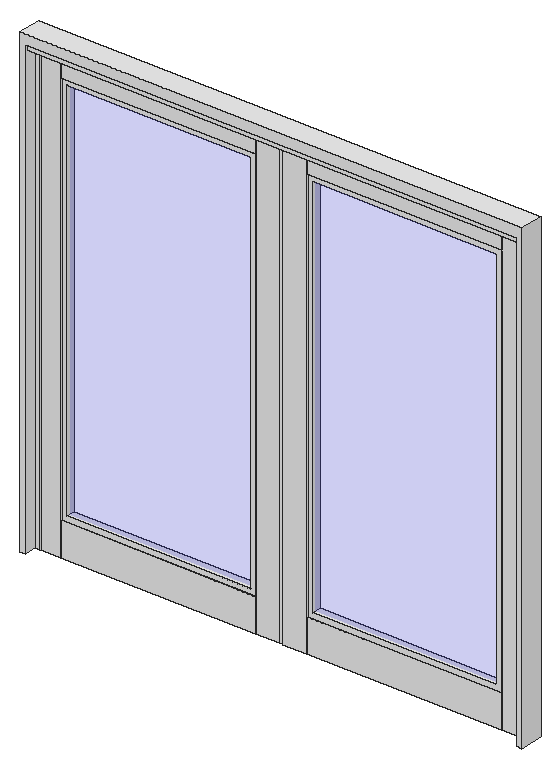
Revit family "Door-Curtain_Wall-Swing-Kawneer-500HeavyWall", category Doors, Revit 2015
Parameters (values of type "Typical 9/16" Infill")
  Width Maximum = 8' - 0"
  Width Control [instance] = 10' - 2"
  URL = "http://www.kawneer.com/kawneer/north_america/en/info_page/home.asp"
  Thickness = 0' - 2"
  Product data url = "https://bimobject.com/kawneerna/product/21630"
  Panel Width [instance] = CTRL Door Width / 2  # 4' - 0"
  Panel Finish = Metal - Kawneer - Aluminum
  Model = "500 Heavy Wall"
  Manufacturer = "Kawneer"  # constant formula
  Height Maximum = 8' - 0"
  Height Control [instance] = 7' - 7"
  Glazing Material = Glass - Kawneer - Clear
  Glass Thickness = 0' - 0 9/16"
  Frame Width Head = 0' - 2"  # constant formula
  Frame Width = 0' - 1"  # constant formula
  Frame Offset = 0' - 0 29/32"
  Frame Height [instance] = CTRL Door Height + Frame Width Head  # 7' - 7"
  Frame Finish = Metal - Kawneer - Aluminum
  Door Width [instance] = Width Control - (Frame Width * 2)  # 10' - 0"
  Door Height [instance] = Height Control - (Frame Width Head)  # 7' - 5"
  Description = "Double 500 Heavy Wall Door"
  Copyright © = "2013 Kawneer"  # constant formula
  CTRL Door Width [instance] = if(Door Width > Width Maximum, Width Maximum, Door Width)  # 8' - 0"
  CTRL Offset = if(Frame Offset < 0' 0", Frame Offset - Frame Offset, Frame Offset)  # 0' - 0 29/32"
  CTRL Inset = if(Frame Offset < 0' 0", Frame Offset - Frame Offset - Frame Offset, 0' 0")  # 0' - 0"
  CTRL Door Height [instance] = if(Door Height > Height Maximum, Height Maximum, Door Height)  # 7' - 5"
  CTRL Door Half Width [instance] = CTRL Door Width / 2  # 4' - 0"
  Assembly Code = "B2030110"
  Angle [instance] = 45.00°
Reference planes (in)
  plane 1 "Front": y = 0
  plane 2: z = 0
  plane 3 "Center (Left/Right)": x = 0
  plane 4 "Left": x = -61
  plane 5 "Right": x = 61
  plane 6 "Top": z = 91
  plane 7 "Frame Left": x = -49
  plane 8 "Frame Right": x = 49
  plane 9 "Inset": y = 0.90625
  plane 10 "Offset": y = 0.90625
  plane 11 "Panel Exterior": y = -1.09375
  plane 12 "Door Hinge Right": x = 48
  plane 13 "Door Hinge Left": x = -48
  plane 14 "Door Top": z = 89
Text (in)
  text "Exterior" at (-54.29358, 31.38743, 0), in view "Ref. Level"
  text "Exterior" at (480, 41.53993, 89.60405), in view "Right"
  text "Exterior" at (-240, 57.82419, 105.78864), in view "Left"
Dimensions and locks (in)
  equal spacing: plane 4 "Left", plane 3 "Center (Left/Right)", plane 5 "Right"  (x2)
  "CTRL Offset": plane 1 "Front" to plane 10 "Offset"
  "CTRL Inset": plane 10 "Offset" to plane 9 "Inset"
  "Thickness": plane 9 "Inset" to plane 11 "Panel Exterior"
  "Frame Width": plane 7 "Frame Left" to plane 13 "Door Hinge Left"
  "Frame Width": plane 12 "Door Hinge Right" to plane 8 "Frame Right"
  "CTRL Door Width": plane 13 "Door Hinge Left" to plane 12 "Door Hinge Right"
  "CTRL Door Height": plane 14 "Door Top" to plane 2
  "Width Control": plane 4 "Left" to plane 5 "Right"
  "Height Control": plane 6 "Top" to plane 2
  "CTRL Door Half Width": plane 3 "Center (Left/Right)" to plane 12 "Door Hinge Right"
  aligned and locked: level to plane 2
  aligned and locked: nested 1 to plane 3 "Center (Left/Right)"
  aligned and locked: nested 2 to plane 12 "Door Hinge Right"
  aligned and locked: nested 3 to plane 13 "Door Hinge Left"
  aligned and locked: nested 1 to plane 9 "Inset"
  aligned and locked: plane 9 "Inset" to nested 3
  aligned and locked: nested 2 to plane 9 "Inset"
Nested families (in)
  nested 1: "Door_Frame-Kawneer-500HeavyWall" at (-18, 0.90625, 0), type "Typical"
  nested 2: "Door-Panel-Kawneer-500HeavyWall" at (24, -0.09375, 0), Thickness <- "Thickness", Width <- "Panel Width", Height <- "CTRL Door Height", Angle <- "Angle", Panel Finish <- "Panel Finish", Glazing Material <- "Glazing Material", type "Full Glass"
    with built-in parameter 1001301 4' - 0", Thickness 0' - 2", Panel Material Metal - Kawneer - Aluminum, Panel Finish Metal - Kawneer - Aluminum, Light Width 3' - 2", Light Height 6' - 5 1/2", built-in parameter 1001300 7' - 5", Glazing Material Glass - Kawneer - Clear, Elevation Swing Visibility yes, CTRL Angle 45.00°, Angle 45.00°
  nested 3: "Door-Panel-Kawneer-500HeavyWall" at (-24, -0.09375, 0) x (-1, 0, 0) z (0, 0, 1), Thickness <- "Thickness", Width <- "Panel Width", Height <- "CTRL Door Height", Angle <- "Angle", Panel Finish <- "Panel Finish", Glazing Material <- "Glazing Material", type "Full Glass"
    with built-in parameter 1001301 4' - 0", Thickness 0' - 2", Panel Material Metal - Kawneer - Aluminum, Panel Finish Metal - Kawneer - Aluminum, Light Width 3' - 2", Light Height 6' - 5 1/2", built-in parameter 1001300 7' - 5", Glazing Material Glass - Kawneer - Clear, Elevation Swing Visibility yes, CTRL Angle 45.00°, Angle 45.00°
Definition of nested family "Door_Frame-Kawneer-500HeavyWall"
  Parameters
    Width = 3' - 0"
    URL = "http://www.kawneer.com/kawneer/en/home.asp"
    Type Comments = "Std. COC Door Stop"
    Thickness = 0' - 2"
    Stop Depth = 0' - 2 3/32"
    Product Page URL = "http://www.kawneer.com/kawneer/north_america/en/product.asp?cat_id=1339&prod_id=1817"
    Frame Width Head = 0' - 2"
    Frame Depth = 0' - 4 1/2"
    Model = "500 Heavy Wall"
    Frame Width = 0' - 1"
    Frame Material = none
    Fire Rating = ""
    Description = "Hurricane Resistant Product"
    Product Documentation Link = "http://www.kawneer.com/kawneer/north_america/en/product_related_doc.asp?cat_id=1339&prod_id=1817&doc_id=114"
    Manufacturer = "Kawneer"  # constant formula
    Height = 7' - 0"
    Function = 1
    Copyright © = "©2013 Kawneer"  # constant formula
    Assembly Code = "B2030110"
    Appear In Schedule = 0 = 1  # no
  Reference planes (in)
    plane 1 "Exterior": y = 0
    plane 2 "Bottom": z = 0
    plane 3 "Strike": x = 0
    plane 4 "Interior": y = -4.5
    plane 5 "Hinge": x = 36
    plane 6 "Top": z = 84
    plane 7 "Center (Left/Right)": x = 18
    plane 8 "Stop Inset Left": x = 1.0625
    plane 9 "Frame Left": x = -1
    plane 10 "Frame Right": x = 37
    plane 11 "Interior Inset": y = -2
    plane 12 "Stop Front": y = -4.09375
    plane 13 "Stop Inset Right": x = 34.9375
    plane 14 "Frame Top": z = 82
  Forms (in)
    Sweep 1, solid, material <- "Frame Material"
      path origin (0, 0, 0) x (1, 0, 0) y (0, 0, 1)
        loop
          line (18, 84) -> (18, 0)
      profile origin (18, 0, 42) x (0, -1, 0) y (1, 0, 0)
        loop
          line (4.5, -19) -> (4.5, -18) -> (2.28125, -18) -> (2.28125, -16.9375) -> (2, -16.9375) -> (2, -18) -> (0, -18) -> (0, -19) -> (4.5, -19)
        loop
          line (4.5, 19) -> (0, 19) -> (0, 18) -> (2, 18) -> (2, 16.9375) -> (2.28125, 16.9375) -> (2.28125, 18) -> (4.5, 18) -> (4.5, 19)
    Sweep 2, solid, material <- "Frame Material"
      path origin (0, 0, 0) x (1, 0, 0) y (0, 0, 1)
        loop
          line (0, 84) -> (36, 84)
      profile origin (18, 0, 84) x (0, 0, 1) y (0, -1, 0)
        loop
          line (0, 4.5) -> (-2, 4.5) -> (-2, 4.09375) -> (-3.0625, 4.09375) -> (-3.0625, 2) -> (-2, 2) -> (-2, 0) -> (0, 0) -> (0, 4.5)
  Cuts and joins
    joined: Sweep 1, Sweep 2
  Lines and regions (in)
    Masking region 1, detail levels coarse
      outline origin (0, 0, 0) x (1, 0, 0) y (0, 1, 0)
        loop
          line (0, -4.5) -> (0, 0) -> (-1, 0) -> (-1, -4.5) -> (0, -4.5)
        loop
          line (36, -4.5) -> (37, -4.5) -> (37, 0) -> (36, 0) -> (36, -4.5)
    Masking region 2, detail levels medium+fine
      outline origin (0.5, 0.06741, 0) x (1, 0, 0) y (0, 1, 0)
        loop
          line (-0.5, -4.56741) -> (-0.5, -2.34866) -> (0.5625, -2.34866) -> (0.5625, -2.06741) -> (-0.5, -2.06741) -> (-0.5, -0.06741) -> (-1.5, -0.06741) -> (-1.5, -4.56741) -> (-0.5, -4.56741)
        loop
          line (35.5, -4.56741) -> (36.5, -4.56741) -> (36.5, -0.06741) -> (35.5, -0.06741) -> (35.5, -2.06741) -> (34.4375, -2.06741) -> (34.4375, -2.34866) -> (35.5, -2.34866) -> (35.5, -4.56741)
  Dimensions and locks (in)
    "Frame Depth": plane 4 "Interior" to plane 1 "Exterior"
    "Height": plane 6 "Top" to plane 2 "Bottom"
    "Width": plane 3 "Strike" to plane 5 "Hinge"
    equal spacing: plane 3 "Strike", plane 7 "Center (Left/Right)", plane 5 "Hinge"
    "Frame Width": plane 9 "Frame Left" to plane 3 "Strike"
    "Frame Width": plane 5 "Hinge" to plane 10 "Frame Right"
    locked: plane 3 "Strike" to plane 8 "Stop Inset Left" at 1.0625
    "Stop Depth": plane 12 "Stop Front" to plane 11 "Interior Inset"
    locked: plane 13 "Stop Inset Right" to plane 5 "Hinge" at 1.0625
    locked: Sweep 2 sketch curve to Sweep 2 sketch curve at 1.0625
    "Frame Width Head": plane 6 "Top" to plane 14 "Frame Top"
    "Thickness": plane 11 "Interior Inset" to plane 1 "Exterior"
    aligned and locked: level to plane 2 "Bottom"
    aligned and locked: plane 2 "Bottom" to Sweep 1 sketch curve
    aligned and locked: plane 9 "Frame Left" to Sweep 1 sketch curve
    aligned and locked: plane 1 "Exterior" to Sweep 1 sketch curve  (x2)
    aligned and locked: plane 8 "Stop Inset Left" to Sweep 1 sketch curve
    aligned and locked: plane 4 "Interior" to Sweep 1 sketch curve  (x2)
    aligned and locked: Sweep 1 sketch curve to plane 3 "Strike"  (x2)
    aligned and locked: plane 7 "Center (Left/Right)" to Sweep 1 sketch curve
    aligned and locked: plane 10 "Frame Right" to Sweep 1 sketch curve
    aligned and locked: Sweep 1 sketch curve to plane 5 "Hinge"  (x2)
    aligned and locked: plane 13 "Stop Inset Right" to Sweep 1 sketch curve
    aligned and locked: Sweep 1 sketch curve to Sweep 1 sketch curve  (x2)
    aligned and locked: plane 5 "Hinge" to Sweep 2 sketch curve
    aligned and locked: plane 3 "Strike" to Sweep 2 sketch curve
    aligned and locked: Sweep 2 sketch curve to plane 6 "Top"  (x2)
    aligned and locked: plane 1 "Exterior" to Sweep 2 sketch curve
    aligned and locked: Sweep 2 sketch curve to plane 4 "Interior"
    aligned and locked: Sweep 2 sketch curve to plane 12 "Stop Front"
    aligned and locked: plane 11 "Interior Inset" to Sweep 1 sketch curve
    aligned and locked: Masking region 1 sketch curve to plane 9 "Frame Left"
    aligned and locked: plane 1 "Exterior" to Masking region 1 sketch curve
    aligned and locked: Masking region 1 sketch curve to plane 3 "Strike"
    aligned and locked: Masking region 1 sketch curve to plane 4 "Interior"
    aligned and locked: plane 10 "Frame Right" to Masking region 1 sketch curve
    aligned and locked: Masking region 1 sketch curve to plane 1 "Exterior"
    aligned and locked: Masking region 1 sketch curve to plane 5 "Hinge"
    aligned and locked: plane 4 "Interior" to Masking region 1 sketch curve
    aligned and locked: Masking region 2 sketch curve to plane 9 "Frame Left"
    aligned and locked: plane 1 "Exterior" to Masking region 2 sketch curve
    aligned and locked: Masking region 2 sketch curve to plane 3 "Strike"  (x2)
    aligned and locked: Masking region 2 sketch curve to plane 4 "Interior"
    aligned and locked: Masking region 2 sketch curve to plane 8 "Stop Inset Left"
    aligned and locked: Masking region 2 sketch curve to cut or joined group of Sweep 1, Sweep 2  (x2)
    aligned and locked: Masking region 2 sketch curve to plane 11 "Interior Inset"
    aligned and locked: plane 13 "Stop Inset Right" to Masking region 2 sketch curve
    aligned and locked: plane 11 "Interior Inset" to Masking region 2 sketch curve
    aligned and locked: Masking region 2 sketch curve to plane 5 "Hinge"  (x2)
    aligned and locked: plane 4 "Interior" to Masking region 2 sketch curve
    aligned and locked: plane 10 "Frame Right" to Masking region 2 sketch curve
    aligned and locked: Masking region 2 sketch curve to plane 1 "Exterior"
  Automatic sketch dimensions
    Sweep 1 sketch curve to plane 6 "Top" = 0' - 0"
    Sweep 2 sketch curve to Sweep 2 sketch curve = 0' - 1 1/16"
    Sweep 2 sketch curve to Sweep 2 sketch curve = 0' - 2 3/32"
    profile plane to Sweep 2 sketch curve = 0' - 2"
    Sweep 1 sketch curve to Sweep 1 sketch curve = 0' - 0 9/32"
Definition of nested family "Door-Panel-Kawneer-500HeavyWall"
  Parameters
    Width [instance] = 3' - 0"
    URL = ""
    Type Comments = ""
    Thickness [instance] = 0' - 2"
    Stile Right = 0' - 5"
    Stile Left = 0' - 5"
    Rail Head = 0' - 5"
    Rail Bottom = 0' - 6 1/2"
    Product Documentation Link = ""
    Panel Material [instance] = none
    Panel Finish [instance] = none
    Manufacturer = ""
    Light Width [instance] = Width - (Stile Left + Stile Right)  # 2' - 2"
    Light Height [instance] = Height - Rail Head - Rail Bottom  # 7' - 0 1/2"
    Height [instance] = 8' - 0"
    Glazing Material [instance] = none
    Glass Thickness = 0' - 0 9/16"
    Function = 1
    Elevation Swing Visibility [instance] = yes
    Copyright © = ""
    CTRL Angle [instance] = if(Angle < 0.00°, 0.00°, if(Angle > 90.00°, 90.00°, Angle))  # 45.00°
    Angle [instance] = 45.00°
  Reference planes (in)
    plane 1 "Center (Front/Back)": y = 0
    plane 2 "Bottom": z = 0
    plane 3 "Center (Left/Right)": x = 0
    plane 4 "Hinge": x = 18
    plane 5 "Strike": x = -18
    plane 6 "Interior": y = -1
    plane 7 "Exterior": y = 1
    plane 8 "Top": z = 96
    plane 9 "Glass Interior": y = -0.25
    plane 10 "Glass Exterior": y = 0.3125
    plane 11 "Stile Left": x = -13
    plane 12 "Stile Right": x = 13
    plane 13 "Rail Head": z = 91
    plane 14 "Rail Bottom": z = 6.5
    plane 15 "Rail Bottom Inset": z = 7.5
  Forms (in)
    Extrusion 1, solid, material <- "Panel Finish"
      sketch origin (0, 0, 0) x (1, 0, 0) y (0, 0, 1)
        loop
          line (13, 96) -> (-13, 96) -> (-13, 91) -> (13, 91) -> (13, 96)
        loop
          line (13, 0) -> (13, 6.5) -> (-13, 6.5) -> (-13, 0) -> (13, 0)
      from 1 to -1
    Extrusion 2, solid, material <- "Glazing Material"
      sketch origin (0, 0, 0) x (1, 0, 0) y (0, 0, 1)
        loop
          line (13, 6.5) -> (13, 91) -> (-13, 91) -> (-13, 6.5) -> (13, 6.5)
      from -0.3125 to 0.25
    Sweep 3, solid, material <- "Panel Finish", detail levels medium+fine
      path origin (0, 0, 0) x (1, 0, 0) y (0, 0, 1)
        loop
          line (13, 6.5) -> (13, 91) -> (-13, 91) -> (-13, 6.5) -> (13, 6.5)
      profile origin (0, 0, 6.5) x (0, 0, -1) y (0, -1, 0)
        loop
          line (0, -0.90625) -> (0, 0.90625) -> (-1, 0.90625) -> (-1, -0.90625) -> (0, -0.90625)
    Sweep 4, solid, material <- "Panel Finish"
      path origin (0, 0, 0) x (1, 0, 0) y (0, 0, 1)
        loop
          line (0, 0) -> (0, 96)
      profile origin (0, 0, 48) x (-1, 0, 0) y (0, -1, 0)
        loop
          line (-18, 1) -> (-18, -1) -> (-13, -1) -> (-13, 1) -> (-18, 1)
        loop
          line (13, 1) -> (13, -1) -> (17.64261, -1)
          arc (17.64261, -1) -> (17.90796, -0.53097) -> (18, 0) r 1.57784
          arc (18, 0) -> (17.90799, 0.53096) -> (17.64268, 1) r 1.57784
          line (17.64268, 1) -> (13, 1)
  Dimensions and locks (in)
    equal spacing: plane 5 "Strike", plane 3 "Center (Left/Right)", plane 4 "Hinge"
    equal spacing: plane 6 "Interior", plane 1 "Center (Front/Back)", plane 7 "Exterior"
    "Thickness": plane 6 "Interior" to plane 7 "Exterior"
    "Width": plane 5 "Strike" to plane 4 "Hinge"
    "Height": plane 8 "Top" to plane 2 "Bottom"
    locked: plane 1 "Center (Front/Back)" to plane 9 "Glass Interior" at 0.25
    "Glass Thickness": plane 9 "Glass Interior" to plane 10 "Glass Exterior"
    "Stile Left": plane 11 "Stile Left" to plane 5 "Strike"
    "Stile Right": plane 12 "Stile Right" to plane 4 "Hinge"
    "Rail Head": plane 8 "Top" to plane 13 "Rail Head"
    "Rail Bottom": plane 14 "Rail Bottom" to plane 2 "Bottom"
    locked: Sweep 3 sketch curve to plane 7 "Exterior" at 0.09375
    locked: plane 6 "Interior" to Sweep 3 sketch curve at 0.09375
    locked: plane 15 "Rail Bottom Inset" to plane 14 "Rail Bottom" at 1
    aligned and locked: level to plane 2 "Bottom"
    aligned and locked: nested 1 to plane 4 "Hinge"
    aligned and locked: plane 1 "Center (Front/Back)" to nested 1
    aligned and locked: Extrusion 1 sketch curve to plane 2 "Bottom"
    aligned and locked: plane 8 "Top" to Extrusion 1 sketch curve
    aligned and locked: Extrusion 1 sketch curve to plane 12 "Stile Right"  (x2)
    aligned and locked: Extrusion 1 sketch curve to plane 11 "Stile Left"  (x2)
    aligned and locked: Extrusion 1 sketch curve to plane 14 "Rail Bottom"
    aligned and locked: plane 13 "Rail Head" to Extrusion 1 sketch curve
    aligned and locked: Extrusion 2 sketch curve to plane 13 "Rail Head"
    aligned and locked: plane 14 "Rail Bottom" to Extrusion 2 sketch curve
    aligned and locked: plane 12 "Stile Right" to Extrusion 2 sketch curve
    aligned and locked: plane 11 "Stile Left" to Extrusion 2 sketch curve
    aligned and locked: Extrusion 2 to plane 10 "Glass Exterior"
    aligned and locked: Extrusion 2 to plane 9 "Glass Interior"
    aligned and locked: Extrusion 1 to plane 6 "Interior"
    aligned and locked: Extrusion 1 to plane 7 "Exterior"
    aligned and locked: plane 11 "Stile Left" to Sweep 3 sketch curve
    aligned and locked: plane 14 "Rail Bottom" to Sweep 3 sketch curve  (x2)
    aligned and locked: plane 12 "Stile Right" to Sweep 3 sketch curve
    aligned and locked: Sweep 3 sketch curve to plane 13 "Rail Head"
    aligned and locked: Sweep 3 sketch curve to plane 15 "Rail Bottom Inset"
    aligned and locked: plane 3 "Center (Left/Right)" to Sweep 4 sketch curve
    aligned and locked: plane 2 "Bottom" to Sweep 4 sketch curve
    aligned and locked: plane 8 "Top" to Sweep 4 sketch curve
    aligned and locked: plane 4 "Hinge" to Sweep 4 sketch curve
    aligned and locked: plane 6 "Interior" to Sweep 4 sketch curve  (x2)
    aligned and locked: plane 7 "Exterior" to Sweep 4 sketch curve  (x2)
    aligned and locked: Sweep 4 sketch curve to plane 11 "Stile Left"
    aligned and locked: plane 5 "Strike" to Sweep 4 sketch curve
    aligned and locked: plane 1 "Center (Front/Back)" to Sweep 4 sketch curve
  Automatic sketch dimensions
    plane 1 "Center (Front/Back)" to Sweep 4 sketch curve = 0' - 0.00004"
    Sweep 4 sketch curve to Sweep 4 sketch curve = 0' - 5"
    Sweep 4 sketch curve to Sweep 4 sketch curve = 0' - 1.22052"
    Sweep 4 sketch curve to Sweep 4 sketch curve = 0' - 0"  (x2)
  Nested families (in)
    nested 1: "Door Swing Graphics - Kawneer" at (-18, 1, 0), Angle <- "CTRL Angle", Height <- "Height", Elevation Swing Visibility <- "Elevation Swing Visibility", Width <- "Width", Thickness <- "Thickness", type "Door Swing Graphics"
      with Width 3' - 0", Thickness 0' - 2", Slide Indicator Visbility no, Plan Swing Visibility yes, Hidden Swing Visibility no, Hidden Swing Angle 1.00°, Hidden Angle CTRL 1.00°, Height 8' - 0", Elevation Swing Visibility yes, Closed Panel Visaibilty no, Angle CTRL 45.00°, Angle 45.00°
  Definition of nested family "Door Swing Graphics - Kawneer"
    Parameters
      Width [instance] = 3' - 0"
      URL = ""
      Type Comments = ""
      Thickness [instance] = 0' - 2"
      Slide Indicator Visbility [instance] = no
      Plan Swing Visibility [instance] = Angle > 0.00°  # yes
      Manufacturer = "ICS Generic"
      Hidden Swing Visibility [instance] = yes
      Hidden Swing Angle [instance] = 10.00°
      Hidden Angle CTRL [instance] = if(Hidden Swing Angle < 0.00°, 0.00°, if(Hidden Swing Angle > 175.00°, 175.00°, Hidden Swing Angle))  # 10.00°
      Height [instance] = 7' - 0"
      Elevation Swing Visibility [instance] = yes
      Copyright © = ""
      Closed Panel Visaibilty [instance] = Angle = 0.00°  # no
      Assembly Code = ""
      Angle CTRL [instance] = if(Angle < 0.00°, 0.00°, if(Angle > 175.00°, 175.00°, Angle))  # 30.00°
      Angle [instance] = 30.00°
    Reference planes (in)
      plane 1 "Exterior": y = 0
      plane 2 "Bottom": z = 0
      plane 3 "Strike": x = 0
      plane 4 "Hinge": x = 36
      plane 5 "Top": z = 84
      plane 6 "Interior": y = -2
      plane 7 "Center F/B": y = -1
      plane 8 "Plan Swing Plane": z = 2
      plane 9 "Center (Left/Right)": x = 18
    Lines and regions (in)
      Masking region 1
        outline origin (0, 0, 2) x (-1, 0, 0) y (0, -1, 0)
          loop
            line (-36, 0) -> (-4.82309, -18) -> (-3.82309, -16.26795) -> (-35, 1.73205) -> (-36, 0)
      Masking region 2, visible <- "Hidden Swing Visibility"
        outline origin (0, 0, 84) x (-1, 0, 0) y (0, -1, 0)
          loop
            line (-36, 0) -> (-0.54692, -6.25133) -> (-0.19962, -4.28172) -> (-35.6527, 1.96962) -> (-36, 0)
      model lines
        curve 1: line (0, 0, 0) -> (0, -2, 0)
        curve 2: line (36, -2, 0) -> (36, 0, 0)
      symbolic lines, visible <- "Elevation Swing Visibility"
        curve 3: line (0, 0, 84) -> (36, 0, 42)
        curve 4: line (36, 0, 42) -> (0, 0, 0)
        curve 18: line (0, -2, 84) -> (36, -2, 42)
        curve 19: line (36, -2, 42) -> (0, -2, 0)
      symbolic lines, visible <- "Slide Indicator Visbility"
        curve 5: line (18, -1, 43) -> (15.04761, -1, 45.95239)
        curve 6: line (18, -1, 43) -> (15.04761, -1, 40.04761)
        curve 7: line (18, -1, 43) -> (9, -1, 43)
      symbolic lines, visible <- "Hidden Swing Visibility"
        curve 8: line (36, 0, 2) -> (0.54692, 6.25133, 2)
        curve 9: line (0.54692, 6.25133, 2) -> (0.19962, 4.28172, 2)
        curve 10: line (0.19962, 4.28172, 2) -> (35.6527, -1.96962, 2)
        curve 11: line (35.6527, -1.96962, 2) -> (36, 0, 2)
        curve 17: arc (0.54692, 6.25133, 2) -> (0.09687, 2.63916, 2) -> (0.01389, -1, 2) r 36
      symbolic lines
        curve 12: line (36, 0, 2) -> (4.82309, 18, 2)
        curve 13: line (4.82309, 18, 2) -> (3.82309, 16.26795, 2)
        curve 14: line (3.82309, 16.26795, 2) -> (35, -1.73205, 2)
        curve 15: line (35, -1.73205, 2) -> (36, 0, 2)
      symbolic lines, visible <- "Plan Swing Visibility"
        curve 16: arc (4.82309, 18, 2) -> (1.1006, 8.83358, 2) -> (0.01389, -1, 2) r 36
    Dimensions and locks (in)
      "Width": plane 3 "Strike" to plane 4 "Hinge"
      "Height": plane 5 "Top" to plane 2 "Bottom"
      equal spacing: plane 5 "Top", curve 4, plane 2 "Bottom"
      "Thickness": plane 6 "Interior" to plane 1 "Exterior"
      locked: curve 7 to curve 7 at 9
      equal spacing: plane 4 "Hinge", curve 7, plane 3 "Strike"
      "Thickness": curve 8 to curve 10
      "Width": curve 9 to curve 11
      equal spacing: plane 6 "Interior", plane 7 "Center F/B", plane 1 "Exterior"
      "Thickness": curve 12 to curve 14
      "Width": curve 13 to curve 15
      locked: plane 8 "Plan Swing Plane" to plane 2 "Bottom" at 2
      equal spacing: plane 5 "Top", curve 7, plane 8 "Plan Swing Plane"
      equal spacing: curve 5, curve 7, curve 6
      equal spacing: plane 3 "Strike", plane 9 "Center (Left/Right)", plane 4 "Hinge"
      equal spacing: plane 5 "Top", curve 19, plane 2 "Bottom"
      locked: curve 8 to curve 11 (angle 90.00°)
      locked: curve 10 to curve 9 (angle 90.00°)
      "Hidden Angle CTRL": angle curve 8 to plane 1 "Exterior"
      locked: curve 12 to curve 15 (angle 90.00°)
      locked: curve 14 to curve 13 (angle 90.00°)
      "Angle CTRL": angle curve 12 to plane 1 "Exterior"
      aligned and locked: plane 2 "Bottom" to level
      aligned and locked: plane 4 "Hinge" to curve 2
      aligned and locked: plane 6 "Interior" to curve 1
      aligned and locked: plane 6 "Interior" to curve 2
      aligned and locked: curve 1 to plane 3 "Strike"
      aligned and locked: plane 1 "Exterior" to curve 1
      aligned and locked: plane 4 "Hinge" to curve 8
      aligned and locked: plane 1 "Exterior" to curve 15
      aligned and locked: plane 7 "Center F/B" to curve 16
      aligned and locked: plane 7 "Center F/B" to curve 17
      aligned and locked: plane 1 "Exterior" to curve 17
      aligned and locked: plane 4 "Hinge" to curve 17
      aligned and locked: plane 1 "Exterior" to curve 16
      aligned and locked: Masking region 1 sketch curve to curve 12
      aligned and locked: Masking region 1 sketch curve to curve 13
      aligned and locked: Masking region 1 sketch curve to curve 14
      aligned and locked: Masking region 1 sketch curve to curve 15
      aligned and locked: Masking region 2 sketch curve to curve 8
      aligned and locked: Masking region 2 sketch curve to curve 10
      aligned and locked: Masking region 2 sketch curve to curve 11
      aligned and locked: Masking region 2 sketch curve to curve 9
      aligned and locked: plane 2 "Bottom" to curve 19
      aligned and locked: plane 5 "Top" to curve 18
      aligned and locked: plane 3 "Strike" to curve 18
      aligned and locked: plane 2 "Bottom" to curve 4
    Automatic sketch dimensions
      plane 1 "Exterior" to curve 2 = 0' - 0"
      curve 16 to curve 17 = 0' - 0"
      curve 6 to plane 9 "Center (Left/Right)" = 0' - 2.95239"
      curve 6 to curve 7 = 0' - 2.95239"
      curve 4 to plane 3 "Strike" = 0' - 0"
      curve 3 to plane 3 "Strike" = 0' - 0"
      curve 4 to plane 4 "Hinge" = 0' - 0"
      curve 3 to plane 5 "Top" = 0' - 0"
      curve 19 to plane 3 "Strike" = 0' - 0"
      curve 19 to plane 4 "Hinge" = 0' - 0"
